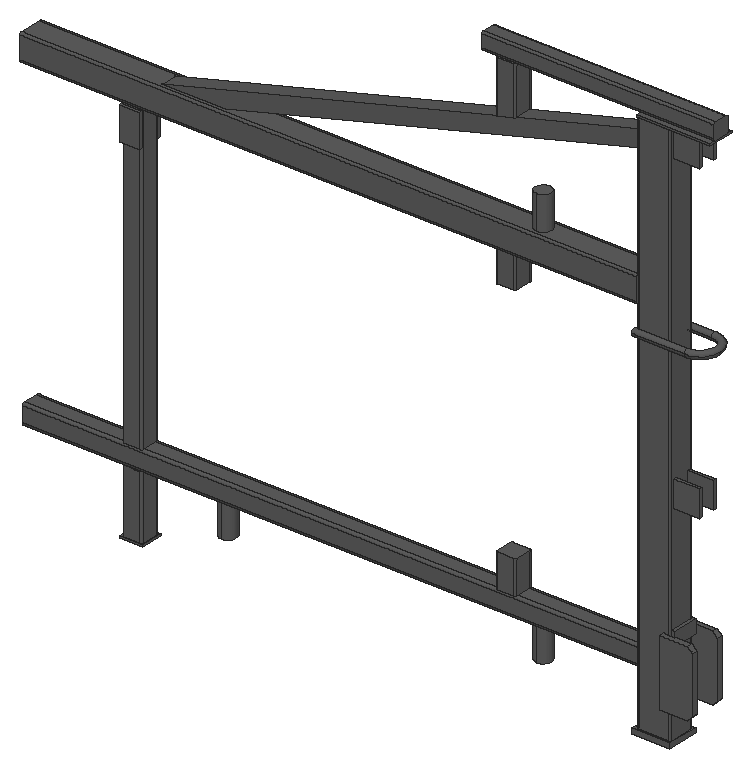
Revit family "MF_T-B CLIMBING BRACKET CF MEGA_1901402", category Modelos genéricos, Revit 2018
Family settings
  Puede alojar armadura = No
  Cota de conector redondo = Diámetro de uso
  Tipo de pieza = Normal
  Número OmniClass = 35.51.14.00
  Título OmniClass = FORMWORK
  Se basa en plano de trabajo = Sí
  Siempre vertical = No
  Corte con vacíos al cargar = No
  Compartido = Sí
  Punto de cálculo de habitación = No
Parameters
  VERSION = "20170217"  # constant formula
  URL = "www.ulmaconstruction.com/en"
  UNICLASS = ""
  Fabricante = "ULMA CONSTRUCTION"  # constant formula
  ITEM_CODE = "1901402"
  FILTER [instance] = ""
  Default Elevation = 0.000 mm
  CLASSIFICATION_TITLE = ""
  CLASSIFICATION_NUMBER = ""
Reference planes
  plane 1 "Centro (Frontal/Posterior)": y = 0
  plane 2: z = 0
  plane 3 "Centro (Izquierda/Derecha)": x = 0
Forms (mm)
  Extrusion 1, solid, material "ULMA BLACK"
    sketch origin (-0.5, 0, 0) x (1, 0, 0) y (0, 1, 0)
      loop
        line (55, 47.5) -> (-60, 47.5) -> (-60, 31.816) -> (-10, 23) -> (0, 23)
        arc (0, 23) -> (12.728, 17.728) -> (18, 5) r 18
        line (18, 5) -> (18, -5)
        arc (18, -5) -> (12.728, -17.728) -> (0, -23) r 18
        line (0, -23) -> (-10, -23) -> (-60, -31.816) -> (-60, -47.5) -> (55, -47.5) -> (55, 47.5)
    from -40 to -26
  Extrusion 2, solid, material "ULMA BLACK"
    sketch origin (0, 0, 0) x (0, 1, 0) y (0, 0, 1)
      loop
        arc (-24, 194) -> (-28.243, 192.243) -> (-30, 188) r 6
        line (-30, 188) -> (-30, 140)
        arc (-30, 140) -> (-28.243, 135.757) -> (-24, 134) r 6
        line (-24, 134) -> (24, 134)
        arc (24, 134) -> (28.243, 135.757) -> (30, 140) r 6
        line (30, 140) -> (30, 188)
        arc (30, 188) -> (28.243, 192.243) -> (24, 194) r 6
        line (24, 194) -> (-24, 194)
    from -50.5 to -1910.5
  Extrusion 3, solid, material "ULMA BLACK"
    sketch origin (0, 0, 0) x (0, 1, 0) y (0, 0, 1)
      loop
        line (34, 1199) -> (-34, 1199)
        arc (-34, 1199) -> (-38.243, 1197.243) -> (-40, 1193) r 6
        line (-40, 1193) -> (-40, 1125)
        arc (-40, 1125) -> (-38.243, 1120.757) -> (-34, 1119) r 6
        line (-34, 1119) -> (34, 1119)
        arc (34, 1119) -> (38.243, 1120.757) -> (40, 1125) r 6
        line (40, 1125) -> (40, 1193)
        arc (40, 1193) -> (38.243, 1197.243) -> (34, 1199) r 6
    from -50.5 to -1910.5
  Extrusion 4, solid, material "ULMA BLACK", detail levels fine
    sketch origin (0, 0, 0) x (1, 0, 0) y (0, 1, 0)
      loop
        arc (-485.5, -24) -> (-483.743, -28.243) -> (-479.5, -30) r 6
        line (-479.5, -30) -> (-431.5, -30)
        arc (-431.5, -30) -> (-427.257, -28.243) -> (-425.5, -24) r 6
        line (-425.5, -24) -> (-425.5, 24)
        arc (-425.5, 24) -> (-427.257, 28.243) -> (-431.5, 30) r 6
        line (-431.5, 30) -> (-479.5, 30)
        arc (-479.5, 30) -> (-483.743, 28.243) -> (-485.5, 24) r 6
        line (-485.5, 24) -> (-485.5, -24)
    from 194 to 294
  Extrusion 5, solid, material "ULMA BLACK", detail levels fine
    sketch origin (0, 0, 0) x (1, 0, 0) y (0, 1, 0)
      loop
        arc (-1604.5, 30) -> (-1608.743, 28.243) -> (-1610.5, 24) r 6
        line (-1610.5, 24) -> (-1610.5, -24)
        arc (-1610.5, -24) -> (-1608.743, -28.243) -> (-1604.5, -30) r 6
        line (-1604.5, -30) -> (-1556.5, -30)
        arc (-1556.5, -30) -> (-1552.257, -28.243) -> (-1550.5, -24) r 6
        line (-1550.5, -24) -> (-1550.5, 24)
        arc (-1550.5, 24) -> (-1552.257, 28.243) -> (-1556.5, 30) r 6
        line (-1556.5, 30) -> (-1604.5, 30)
    from -59 to 134
  Extrusion 6, solid, material "ULMA BLACK"
    sketch origin (0, 0, 985) x (1, 0, 0) y (0, 1, 0)
      loop
        arc (-1604.5, 30) -> (-1608.743, 28.243) -> (-1610.5, 24) r 6
        line (-1610.5, 24) -> (-1610.5, -24)
        arc (-1610.5, -24) -> (-1608.743, -28.243) -> (-1604.5, -30) r 6
        line (-1604.5, -30) -> (-1556.5, -30)
        arc (-1556.5, -30) -> (-1552.257, -28.243) -> (-1550.5, -24) r 6
        line (-1550.5, -24) -> (-1550.5, 24)
        arc (-1550.5, 24) -> (-1552.257, 28.243) -> (-1556.5, 30) r 6
        line (-1556.5, 30) -> (-1604.5, 30)
    from -791 to 134
  Extrusion 7, solid, material "ULMA BLACK", detail levels fine
    sketch origin (0, 0, 825) x (1, 0, 0) y (0, 1, 0)
      loop
        arc (-485.5, -24) -> (-483.743, -28.243) -> (-479.5, -30) r 6
        line (-479.5, -30) -> (-431.5, -30)
        arc (-431.5, -30) -> (-427.257, -28.243) -> (-425.5, -24) r 6
        line (-425.5, -24) -> (-425.5, 24)
        arc (-425.5, 24) -> (-427.257, 28.243) -> (-431.5, 30) r 6
        line (-431.5, 30) -> (-479.5, 30)
        arc (-479.5, 30) -> (-483.743, 28.243) -> (-485.5, 24) r 6
        line (-485.5, 24) -> (-485.5, -24)
    from 194 to 294
  Extrusion 8, solid, material "ULMA BLACK", detail levels fine
    sketch origin (0, 0, 1335) x (1, 0, 0) y (0, 1, 0)
      loop
        arc (-485.5, -24) -> (-483.743, -28.243) -> (-479.5, -30) r 6
        line (-479.5, -30) -> (-431.5, -30)
        arc (-431.5, -30) -> (-427.257, -28.243) -> (-425.5, -24) r 6
        line (-425.5, -24) -> (-425.5, 24)
        arc (-425.5, 24) -> (-427.257, 28.243) -> (-431.5, 30) r 6
        line (-431.5, 30) -> (-479.5, 30)
        arc (-479.5, 30) -> (-483.743, 28.243) -> (-485.5, 24) r 6
        line (-485.5, 24) -> (-485.5, -24)
    from 133.062 to 294
  Extrusion 9, solid, material "ULMA BLACK", detail levels fine
    sketch origin (0, 0, 0) x (1, 0, 0) y (0, 0, 1)
      loop
        line (-50.5, 1586.186) -> (-1495.499, 1199) -> (-1302.314, 1199) -> (-50.5, 1534.423) -> (-50.5, 1586.186)
    from -25 to 25
  Extrusion 10, void
    sketch origin (0, 0, 0) x (1, 0, 0) y (0, 0, 1)
      loop
        line (-425.5, 1485.705) -> (-485.5, 1469.628) -> (-485.5, 1468.062) -> (-425.5, 1468.062) -> (-425.5, 1485.705)
    from -30 to 30
  Extrusion 11, solid, material "ULMA BLACK", detail levels fine
    sketch origin (0, 0, 0) x (1, 0, 0) y (0, 1, 0)
      loop
        circle (-365.5, 0) r 24
    from 34 to 134
  Extrusion 12, solid, material "ULMA BLACK", detail levels fine
    sketch origin (-950, 0, 0) x (1, 0, 0) y (0, 1, 0)
      loop
        circle (-365.5, 0) r 24
    from 34 to 134
  Extrusion 13, solid, material "ULMA BLACK", detail levels fine
    sketch origin (0, 0, 1165) x (1, 0, 0) y (0, 1, 0)
      loop
        circle (-365.5, 0) r 24
    from 34 to 134
  Extrusion 14, solid, material "ULMA BLACK"
    sketch origin (0, 0, 0) x (1, 0, 0) y (0, 1, 0)
      loop
        arc (49.5, 36) -> (48.328, 38.828) -> (45.5, 40) r 4
        line (45.5, 40) -> (-46.5, 40)
        arc (-46.5, 40) -> (-49.328, 38.828) -> (-50.5, 36) r 4
        line (-50.5, 36) -> (-50.5, -36)
        arc (-50.5, -36) -> (-49.328, -38.828) -> (-46.5, -40) r 4
        line (-46.5, -40) -> (45.5, -40)
        arc (45.5, -40) -> (48.328, -38.828) -> (49.5, -36) r 4
        line (49.5, -36) -> (49.5, 36)
      loop
        line (-48.5, 36) -> (-48.5, -36)
        arc (-48.5, -36) -> (-47.914, -37.414) -> (-46.5, -38) r 2
        line (-46.5, -38) -> (45.5, -38)
        arc (45.5, -38) -> (46.914, -37.414) -> (47.5, -36) r 2
        line (47.5, -36) -> (47.5, 36)
        arc (47.5, 36) -> (46.914, 37.414) -> (45.5, 38) r 2
        line (45.5, 38) -> (-46.5, 38)
        arc (-46.5, 38) -> (-47.914, 37.414) -> (-48.5, 36) r 2
    from -26 to 1624
  Extrusion 15, void
    sketch origin (0, 0, 0) x (0, 1, 0) y (0, 0, 1)
      loop
        line (-32, -26) -> (32, -26) -> (32, 48)
        arc (32, 48) -> (30.243, 52.243) -> (26, 54) r 6
        line (26, 54) -> (-26, 54)
        arc (-26, 54) -> (-30.243, 52.243) -> (-32, 48) r 6
        line (-32, 48) -> (-32, -26)
    from -50.5 to -48.5
  Extrusion 16, solid, material "ULMA BLACK"
    sketch origin (0, 0, 0) x (0, 1, 0) y (0, 0, 1)
      loop
        line (19, 1679) -> (-19, 1679)
        arc (-19, 1679) -> (-23.243, 1677.243) -> (-25, 1673) r 6
        line (-25, 1673) -> (-25, 1635)
        arc (-25, 1635) -> (-23.243, 1630.757) -> (-19, 1629) r 6
        line (-19, 1629) -> (19, 1629)
        arc (19, 1629) -> (23.243, 1630.757) -> (25, 1635) r 6
        line (25, 1635) -> (25, 1673)
        arc (25, 1673) -> (23.243, 1677.243) -> (19, 1679) r 6
    from -530.5 to 169.5
  Extrusion 17, solid, material "ULMA BLACK", detail levels fine
    sketch origin (0, 0, 0) x (1, 0, 0) y (0, 0, 1)
      loop
        line (29.5, 259) -> (29.5, 59) -> (114.5, 59) -> (129.5, 74) -> (129.5, 244) -> (114.5, 259) -> (29.5, 259)
    from 40 to 55
  Extrusion 18, solid, material "ULMA BLACK", detail levels fine
    sketch origin (0, 0, 0) x (1, 0, 0) y (0, 0, 1)
      loop
        line (61.5, 234) -> (61.5, 274) -> (49.5, 274) -> (49.5, 234) -> (61.5, 234)
    from -40 to 40
  Extrusion 19, solid, material "ULMA BLACK", detail levels fine
    sketch origin (0, 95, 0) x (1, 0, 0) y (0, 0, 1)
      loop
        line (29.5, 259) -> (29.5, 59) -> (114.5, 59) -> (129.5, 74) -> (129.5, 244) -> (114.5, 259) -> (29.5, 259)
    from 40 to 55
  Extrusion 20, solid, material "ULMA BLACK", detail levels fine
    sketch origin (0, 0, 0) x (1, 0, 0) y (0, 0, 1)
      loop
        line (49.5, 679) -> (49.5, 599) -> (129.5, 599) -> (129.5, 679) -> (49.5, 679)
    from 22 to 30
  Extrusion 21, solid, material "ULMA BLACK", detail levels fine
    sketch origin (0, 52, 0) x (1, 0, 0) y (0, 0, 1)
      loop
        line (49.5, 679) -> (49.5, 599) -> (129.5, 599) -> (129.5, 679) -> (49.5, 679)
    from 22 to 30
  Extrusion 22, solid, material "ULMA BLACK", detail levels fine
    sketch origin (0, 0, 0) x (1, 0, 0) y (0, 0, 1)
      loop
        line (129.5, 1544) -> (129.5, 1624) -> (49.5, 1624) -> (49.5, 1544) -> (129.5, 1544)
    from 22 to 30
  Extrusion 23, solid, material "ULMA BLACK", detail levels fine
    sketch origin (0, 52, 0) x (1, 0, 0) y (0, 0, 1)
      loop
        line (129.5, 1544) -> (129.5, 1624) -> (49.5, 1624) -> (49.5, 1544) -> (129.5, 1544)
    from 22 to 30
  Extrusion 24, solid, material "ULMA BLACK", detail levels fine
    sketch origin (0, 0, 0) x (1, 0, 0) y (0, 0, 1)
      loop
        line (-1610.5, 1009) -> (-1550.5, 1009) -> (-1550.5, 1109) -> (-1610.5, 1109) -> (-1610.5, 1009)
    from 30 to 38
  Extrusion 25, solid, material "ULMA BLACK", detail levels fine
    sketch origin (0, 68, 0) x (1, 0, 0) y (0, 0, 1)
      loop
        line (-1610.5, 1009) -> (-1550.5, 1009) -> (-1550.5, 1109) -> (-1610.5, 1109) -> (-1610.5, 1009)
    from 30 to 38
  Extrusion 26, solid, material "ULMA BLACK", detail levels fine
    sketch origin (0, 0, 0) x (1, 0, 0) y (0, 1, 0)
      loop
        line (-1545.5, 35) -> (-1615.5, 35) -> (-1615.5, -35) -> (-1545.5, -35) -> (-1545.5, 35)
    from -64 to -59
  Sweep 27, solid, material "ULMA BLACK", detail levels fine
    path origin (0, 0, 1049) x (1, 0, 0) y (0, 1, 0)
      loop
        line (-50.5, -51) -> (108.5, -51)
        arc (108.5, -51) -> (159.5, 0) -> (108.5, 51) r 51
        line (108.5, 51) -> (-50.5, 51)
    profile origin (29, -51, 1049) x (0, 1, 0) y (0, 0, 1)
      loop
        circle (0, 0) r 10
  Extrusion 28, solid, material "ULMA BLACK"
    sketch origin (0, 0, 0) x (1, 0, 0) y (0, 0, 1)
      loop
        line (169.5, 1624) -> (169.5, 1629) -> (-50.5, 1629) -> (-50.5, 1624) -> (169.5, 1624)
    from -40 to 40
Cuts and joins
  Extrusion 10 cuts Extrusion 8
  Extrusion 15 cuts Extrusion 1
  Extrusion 15 cuts Extrusion 14
Lines and regions (mm)
  model lines, style "ULMA CLIMBING", detail levels fine
    curve 1: circle (-1835.5, -30, 164) r 8.5 normal (0, 1, 0)
    curve 2: circle (-1735.5, -30, 164) r 8.5 normal (0, 1, 0)
    curve 3: circle (-1635.5, -30, 164) r 8.5 normal (0, 1, 0)
    curve 4: circle (-1835.5, 30, 164) r 8.5 normal (0, 1, 0)
    curve 5: circle (-1735.5, 30, 164) r 8.5 normal (0, 1, 0)
    curve 6: circle (-1635.5, 30, 164) r 8.5 normal (0, 1, 0)
    curve 7: circle (-1580.5, -38, 1059) r 11 normal (0, 1, 0)
    curve 8: circle (-1580.5, 38, 1059) r 11 normal (0, 1, 0)
    curve 9: circle (-455.5, -30, 1579) r 11 normal (0, 1, 0)
    curve 10: circle (-455.5, -30, 1069) r 11 normal (0, 1, 0)
    curve 11: circle (-455.5, -30, 244) r 11 normal (0, 1, 0)
    curve 12: circle (-455.5, 30, 1579) r 11 normal (0, 1, 0)
    curve 13: circle (-455.5, 30, 1069) r 11 normal (0, 1, 0)
    curve 14: circle (-455.5, 30, 244) r 11 normal (0, 1, 0)
    curve 15: arc (100, -55, 99) -> (89.5, -55, 88.5) -> (79, -55, 99) r 10.5
    curve 16: line (79, -55, 99) -> (79, -55, 219)
    curve 17: arc (79, -55, 219) -> (89.5, -55, 229.5) -> (100, -55, 219) r 10.5
    curve 18: line (100, -55, 219) -> (100, -55, 99)
    curve 19: arc (100, -40, 99) -> (89.5, -40, 88.5) -> (79, -40, 99) r 10.5
    curve 20: line (79, -40, 99) -> (79, -40, 219)
    curve 21: arc (79, -40, 219) -> (89.5, -40, 229.5) -> (100, -40, 219) r 10.5
    curve 22: line (100, -40, 219) -> (100, -40, 99)
    curve 23: arc (100, 40, 99) -> (89.5, 40, 88.5) -> (79, 40, 99) r 10.5
    curve 24: line (79, 40, 99) -> (79, 40, 219)
    curve 25: arc (79, 40, 219) -> (89.5, 40, 229.5) -> (100, 40, 219) r 10.5
    curve 26: line (100, 40, 219) -> (100, 40, 99)
    curve 27: arc (100, 55, 99) -> (89.5, 55, 88.5) -> (79, 55, 99) r 10.5
    curve 28: line (79, 55, 99) -> (79, 55, 219)
    curve 29: arc (79, 55, 219) -> (89.5, 55, 229.5) -> (100, 55, 219) r 10.5
    curve 30: line (100, 55, 219) -> (100, 55, 99)
    curve 31: circle (89.5, -30, 1584) r 9 normal (0, 1, 0)
    curve 32: circle (89.5, -30, 639) r 9 normal (0, 1, 0)
    curve 33: circle (89.5, -22, 1584) r 9 normal (0, 1, 0)
    curve 34: circle (89.5, -22, 639) r 9 normal (0, 1, 0)
    curve 35: circle (89.5, 22, 1584) r 9 normal (0, 1, 0)
    curve 36: circle (89.5, 22, 639) r 9 normal (0, 1, 0)
    curve 37: circle (89.5, 30, 1584) r 9 normal (0, 1, 0)
    curve 38: circle (89.5, 30, 639) r 9 normal (0, 1, 0)
    curve 39: circle (90.5, -25, 1654) r 9 normal (0, 1, 0)
    curve 40: circle (90.5, 25, 1654) r 9 normal (0, 1, 0)
    curve 41: arc (169.5, -19, 1676) -> (169.5, -21.121, 1675.121) -> (169.5, -22, 1673) r 3
    curve 42: line (169.5, -22, 1673) -> (169.5, -22, 1635)
    curve 43: arc (169.5, -22, 1635) -> (169.5, -21.121, 1632.879) -> (169.5, -19, 1632) r 3
    curve 44: line (169.5, -19, 1632) -> (169.5, 19, 1632)
    curve 45: arc (169.5, 19, 1632) -> (169.5, 21.121, 1632.879) -> (169.5, 22, 1635) r 3
    curve 46: line (169.5, 22, 1635) -> (169.5, 22, 1673)
    curve 47: arc (169.5, 22, 1673) -> (169.5, 21.121, 1675.121) -> (169.5, 19, 1676) r 3
    curve 48: line (169.5, 19, 1676) -> (169.5, -19, 1676)
    curve 49: arc (-530.5, -19, 1676) -> (-530.5, -21.121, 1675.121) -> (-530.5, -22, 1673) r 3
    curve 50: line (-530.5, -22, 1673) -> (-530.5, -22, 1635)
    curve 51: arc (-530.5, -22, 1635) -> (-530.5, -21.121, 1632.879) -> (-530.5, -19, 1632) r 3
    curve 52: line (-530.5, -19, 1632) -> (-530.5, 19, 1632)
    curve 53: arc (-530.5, 19, 1632) -> (-530.5, 21.121, 1632.879) -> (-530.5, 22, 1635) r 3
    curve 54: line (-530.5, 22, 1635) -> (-530.5, 22, 1673)
    curve 55: arc (-530.5, 22, 1673) -> (-530.5, 21.121, 1675.121) -> (-530.5, 19, 1676) r 3
    curve 56: line (-530.5, 19, 1676) -> (-530.5, -19, 1676)
    curve 57: line (-1910.5, 24, 191) -> (-1910.5, -24, 191)
    curve 58: arc (-1910.5, -24, 191) -> (-1910.5, -26.121, 190.121) -> (-1910.5, -27, 188) r 3
    curve 59: line (-1910.5, -27, 188) -> (-1910.5, -27, 140)
    curve 60: arc (-1910.5, -27, 140) -> (-1910.5, -26.121, 137.879) -> (-1910.5, -24, 137) r 3
    curve 61: line (-1910.5, -24, 137) -> (-1910.5, 24, 137)
    curve 62: arc (-1910.5, 24, 137) -> (-1910.5, 26.121, 137.879) -> (-1910.5, 27, 140) r 3
    curve 63: line (-1910.5, 27, 140) -> (-1910.5, 27, 188)
    curve 64: arc (-1910.5, 27, 188) -> (-1910.5, 26.121, 190.121) -> (-1910.5, 24, 191) r 3
    curve 65: line (-1910.5, 34, 1196) -> (-1910.5, -34, 1196)
    curve 66: arc (-1910.5, -34, 1196) -> (-1910.5, -36.121, 1195.121) -> (-1910.5, -37, 1193) r 3
    curve 67: line (-1910.5, -37, 1193) -> (-1910.5, -37, 1125)
    curve 68: arc (-1910.5, -37, 1125) -> (-1910.5, -36.121, 1122.879) -> (-1910.5, -34, 1122) r 3
    curve 69: line (-1910.5, -34, 1122) -> (-1910.5, 34, 1122)
    curve 70: arc (-1910.5, 34, 1122) -> (-1910.5, 36.121, 1122.879) -> (-1910.5, 37, 1125) r 3
    curve 71: line (-1910.5, 37, 1125) -> (-1910.5, 37, 1193)
    curve 72: arc (-1910.5, 37, 1193) -> (-1910.5, 36.121, 1195.121) -> (-1910.5, 34, 1196) r 3
    curve 73: circle (-365.5, 0, 34) r 21.5 normal (0, 0, 1)
    curve 74: circle (-1315.5, 0, 34) r 21.5 normal (0, 0, 1)
    curve 75: circle (-365.5, 0, 1299) r 21.5 normal (0, 0, 1)
    curve 76: arc (-479.5, -27, 294) -> (-481.621, -26.121, 294) -> (-482.5, -24, 294) r 3
    curve 77: line (-482.5, -24, 294) -> (-482.5, 24, 294)
    curve 78: arc (-482.5, 24, 294) -> (-481.621, 26.121, 294) -> (-479.5, 27, 294) r 3
    curve 79: line (-431.5, 27, 294) -> (-479.5, 27, 294)
    curve 80: arc (-428.5, 24, 294) -> (-429.379, 26.121, 294) -> (-431.5, 27, 294) r 3
    curve 81: line (-428.5, 24, 294) -> (-428.5, -24, 294)
    curve 82: arc (-431.5, -27, 294) -> (-429.379, -26.121, 294) -> (-428.5, -24, 294) r 3
    curve 83: line (-431.5, -27, 294) -> (-479.5, -27, 294)
    curve 84: arc (-479.5, -27, 1019) -> (-481.621, -26.121, 1019) -> (-482.5, -24, 1019) r 3
    curve 85: line (-482.5, -24, 1019) -> (-482.5, 24, 1019)
    curve 86: arc (-482.5, 24, 1019) -> (-481.621, 26.121, 1019) -> (-479.5, 27, 1019) r 3
    curve 87: line (-431.5, 27, 1019) -> (-479.5, 27, 1019)
    curve 88: arc (-428.5, 24, 1019) -> (-429.379, 26.121, 1019) -> (-431.5, 27, 1019) r 3
    curve 89: line (-428.5, 24, 1019) -> (-428.5, -24, 1019)
    curve 90: arc (-431.5, -27, 1019) -> (-429.379, -26.121, 1019) -> (-428.5, -24, 1019) r 3
    curve 91: line (-431.5, -27, 1019) -> (-479.5, -27, 1019)
    curve 92: circle (-34.5, 40, -1) r 10.5 normal (0, 1, 0)
    curve 93: circle (-1635.5, -40, 1159) r 8.5 normal (0, 1, 0)
    curve 94: circle (-1735.5, -40, 1159) r 8.5 normal (0, 1, 0)
    curve 95: circle (-1835.5, -40, 1159) r 8.5 normal (0, 1, 0)
    curve 96: circle (-1635.5, 40, 1159) r 8.5 normal (0, 1, 0)
    curve 97: circle (-1735.5, 40, 1159) r 8.5 normal (0, 1, 0)
    curve 98: circle (-1835.5, 40, 1159) r 8.5 normal (0, 1, 0)
Dimensions and locks
  aligned and locked: level to plane 2
